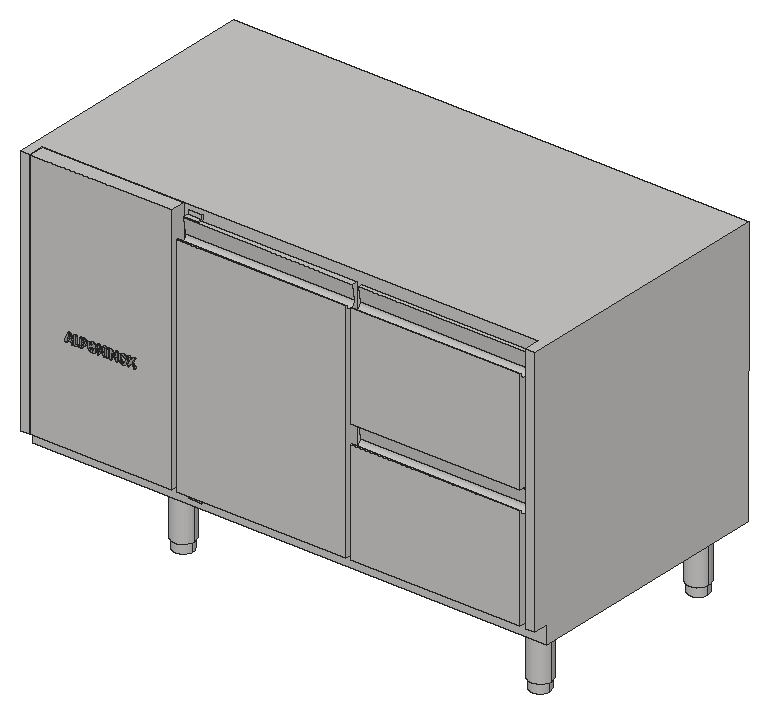
Revit family "QF_ALPENINOX_712005_AH2H7AB", category Specialty Equipment, Revit 2018 (continued)
Definition of nested family "ALP_Cooling Unit"
  Lines and regions (mm)
    Split face 127
      outline origin (55.016, 2, -245.129) x (0, 0, 1) y (-1, 0, 0)
        loop
          line (502.647, 158.547) -> (502.647, 116.535)
          arc (502.647, 116.535) -> (506.648, 112.533) -> (510.649, 116.535) r 4.001
          line (510.649, 116.535) -> (510.649, 158.547)
    Split face 128
      outline origin (55.016, 2, -257.133) x (0, 0, 1) y (-1, 0, 0)
        loop
          arc (510.649, 158.547) -> (506.648, 162.548) -> (502.647, 158.547) r 4.001
          line (502.647, 158.547) -> (502.647, 116.535)
          arc (502.647, 116.535) -> (506.648, 112.533) -> (510.649, 116.535) r 4.001
          line (510.649, 116.535) -> (510.649, 158.547)
    Split face 129
      outline origin (55.016, 2, -269.136) x (0, 0, 1) y (-1, 0, 0)
        loop
          arc (510.649, 158.547) -> (506.648, 162.548) -> (502.647, 158.547) r 4.001
          line (502.647, 158.547) -> (502.647, 116.535)
          arc (502.647, 116.535) -> (506.648, 112.533) -> (510.649, 116.535) r 4.001
          line (510.649, 116.535) -> (510.649, 158.547)
    Split face 130
      outline origin (55.016, 2, -281.14) x (0, 0, 1) y (-1, 0, 0)
        loop
          arc (510.649, 158.547) -> (506.648, 162.548) -> (502.647, 158.547) r 4.001
          line (502.647, 158.547) -> (502.647, 116.535)
          arc (502.647, 116.535) -> (506.648, 112.533) -> (510.649, 116.535) r 4.001
          line (510.649, 116.535) -> (510.649, 158.547)
    Split face 131
      outline origin (55.016, 2, -293.144) x (0, 0, 1) y (-1, 0, 0)
        loop
          arc (510.649, 158.547) -> (506.648, 162.548) -> (502.647, 158.547) r 4.001
          line (502.647, 158.547) -> (502.647, 116.535)
          arc (502.647, 116.535) -> (506.648, 112.533) -> (510.649, 116.535) r 4.001
          line (510.649, 116.535) -> (510.649, 158.547)
    Split face 132
      outline origin (110.032, 2, -113.091) x (0, 0, 1) y (-1, 0, 0)
        loop
          arc (510.649, 158.547) -> (506.648, 162.548) -> (502.647, 158.547) r 4.001
          line (502.647, 158.547) -> (502.647, 116.535)
          arc (502.647, 116.535) -> (506.648, 112.533) -> (510.649, 116.535) r 4.001
          line (510.649, 116.535) -> (510.649, 158.547)
    Split face 133
      outline origin (110.032, 2, -125.094) x (0, 0, 1) y (-1, 0, 0)
        loop
          arc (510.649, 158.547) -> (506.648, 162.548) -> (502.647, 158.547) r 4.001
          line (502.647, 158.547) -> (502.647, 116.535)
          arc (502.647, 116.535) -> (506.648, 112.533) -> (510.649, 116.535) r 4.001
          line (510.649, 116.535) -> (510.649, 158.547)
    Split face 134
      outline origin (110.032, 2, -137.098) x (0, 0, 1) y (-1, 0, 0)
        loop
          arc (510.649, 158.547) -> (506.648, 162.548) -> (502.647, 158.547) r 4.001
          line (502.647, 158.547) -> (502.647, 116.535)
          arc (502.647, 116.535) -> (506.648, 112.533) -> (510.649, 116.535) r 4.001
          line (510.649, 116.535) -> (510.649, 158.547)
    Split face 135
      outline origin (110.032, 2, -149.101) x (0, 0, 1) y (-1, 0, 0)
        loop
          arc (510.649, 158.547) -> (506.648, 162.548) -> (502.647, 158.547) r 4.001
          line (502.647, 158.547) -> (502.647, 116.535)
          arc (502.647, 116.535) -> (506.648, 112.533) -> (510.649, 116.535) r 4.001
          line (510.649, 116.535) -> (510.649, 158.547)
    Split face 136
      outline origin (110.032, 2, -161.105) x (0, 0, 1) y (-1, 0, 0)
        loop
          arc (510.649, 158.547) -> (506.648, 162.548) -> (502.647, 158.547) r 4.001
          line (502.647, 158.547) -> (502.647, 116.535)
          arc (502.647, 116.535) -> (506.648, 112.533) -> (510.649, 116.535) r 4.001
          line (510.649, 116.535) -> (510.649, 158.547)
    Split face 137
      outline origin (110.032, 2, -173.108) x (0, 0, 1) y (-1, 0, 0)
        loop
          arc (510.649, 158.547) -> (506.648, 162.548) -> (502.647, 158.547) r 4.001
          line (502.647, 158.547) -> (502.647, 116.535)
          arc (502.647, 116.535) -> (506.648, 112.533) -> (510.649, 116.535) r 4.001
          line (510.649, 116.535) -> (510.649, 158.547)
    Split face 138
      outline origin (110.032, 2, -185.112) x (0, 0, 1) y (-1, 0, 0)
        loop
          arc (510.649, 158.547) -> (506.648, 162.548) -> (502.647, 158.547) r 4.001
          line (502.647, 158.547) -> (502.647, 116.535)
          arc (502.647, 116.535) -> (506.648, 112.533) -> (510.649, 116.535) r 4.001
          line (510.649, 116.535) -> (510.649, 158.547)
    Split face 139
      outline origin (110.032, 2, -197.115) x (0, 0, 1) y (-1, 0, 0)
        loop
          arc (510.649, 158.547) -> (506.648, 162.548) -> (502.647, 158.547) r 4.001
          line (502.647, 158.547) -> (502.647, 116.535)
          arc (502.647, 116.535) -> (506.648, 112.533) -> (510.649, 116.535) r 4.001
          line (510.649, 116.535) -> (510.649, 158.547)
    Split face 140
      outline origin (110.032, 2, -209.119) x (0, 0, 1) y (-1, 0, 0)
        loop
          arc (510.649, 158.547) -> (506.648, 162.548) -> (502.647, 158.547) r 4.001
          line (502.647, 158.547) -> (502.647, 116.535)
          arc (502.647, 116.535) -> (506.648, 112.533) -> (510.649, 116.535) r 4.001
          line (510.649, 116.535) -> (510.649, 158.547)
    Split face 141
      outline origin (110.032, 2, -221.122) x (0, 0, 1) y (-1, 0, 0)
        loop
          arc (510.649, 158.547) -> (506.648, 162.548) -> (502.647, 158.547) r 4.001
          line (502.647, 158.547) -> (502.647, 116.535)
          arc (502.647, 116.535) -> (506.648, 112.533) -> (510.649, 116.535) r 4.001
          line (510.649, 116.535) -> (510.649, 158.547)
    Split face 142
      outline origin (110.032, 2, -233.126) x (0, 0, 1) y (-1, 0, 0)
        loop
          arc (510.649, 158.547) -> (506.648, 162.548) -> (502.647, 158.547) r 4.001
          line (502.647, 158.547) -> (502.647, 116.535)
          arc (502.647, 116.535) -> (506.648, 112.533) -> (510.649, 116.535) r 4.001
          line (510.649, 116.535) -> (510.649, 158.547)
    Split face 143
      outline origin (110.032, 2, -245.129) x (0, 0, 1) y (-1, 0, 0)
        loop
          arc (510.649, 158.547) -> (506.648, 162.548) -> (502.647, 158.547) r 4.001
          line (502.647, 158.547) -> (502.647, 116.535)
          arc (502.647, 116.535) -> (506.648, 112.533) -> (510.649, 116.535) r 4.001
          line (510.649, 116.535) -> (510.649, 158.547)
    Split face 144
      outline origin (110.032, 2, -257.133) x (0, 0, 1) y (-1, 0, 0)
        loop
          arc (510.649, 158.547) -> (506.648, 162.548) -> (502.647, 158.547) r 4.001
          line (502.647, 158.547) -> (502.647, 116.535)
          arc (502.647, 116.535) -> (506.648, 112.533) -> (510.649, 116.535) r 4.001
          line (510.649, 116.535) -> (510.649, 158.547)
    Split face 145
      outline origin (110.032, 2, -269.136) x (0, 0, 1) y (-1, 0, 0)
        loop
          arc (510.649, 158.547) -> (506.648, 162.548) -> (502.647, 158.547) r 4.001
          line (502.647, 158.547) -> (502.647, 116.535)
          arc (502.647, 116.535) -> (506.648, 112.533) -> (510.649, 116.535) r 4.001
          line (510.649, 116.535) -> (510.649, 158.547)
    Split face 146
      outline origin (110.032, 2, -281.14) x (0, 0, 1) y (-1, 0, 0)
        loop
          arc (510.649, 158.547) -> (506.648, 162.548) -> (502.647, 158.547) r 4.001
          line (502.647, 158.547) -> (502.647, 116.535)
          arc (502.647, 116.535) -> (506.648, 112.533) -> (510.649, 116.535) r 4.001
          line (510.649, 116.535) -> (510.649, 158.547)
    Split face 147
      outline origin (110.032, 2, -293.144) x (0, 0, 1) y (-1, 0, 0)
        loop
          arc (510.649, 158.547) -> (506.648, 162.548) -> (502.647, 158.547) r 4.001
          line (502.647, 158.547) -> (502.647, 116.535)
          arc (502.647, 116.535) -> (506.648, 112.533) -> (510.649, 116.535) r 4.001
          line (510.649, 116.535) -> (510.649, 158.547)
    Split face 148
      outline origin (165.048, 2, -113.091) x (0, 0, 1) y (-1, 0, 0)
        loop
          arc (510.649, 158.547) -> (506.648, 162.548) -> (502.647, 158.547) r 4.001
          line (502.647, 158.547) -> (502.647, 116.535)
          arc (502.647, 116.535) -> (506.648, 112.533) -> (510.649, 116.535) r 4.001
          line (510.649, 116.535) -> (510.649, 158.547)
    Split face 149
      outline origin (165.048, 2, -125.094) x (0, 0, 1) y (-1, 0, 0)
        loop
          arc (510.649, 158.547) -> (506.648, 162.548) -> (502.647, 158.547) r 4.001
          line (502.647, 158.547) -> (502.647, 116.535)
          arc (502.647, 116.535) -> (506.648, 112.533) -> (510.649, 116.535) r 4.001
          line (510.649, 116.535) -> (510.649, 158.547)
    Split face 150
      outline origin (165.048, 2, -137.098) x (0, 0, 1) y (-1, 0, 0)
        loop
          arc (510.649, 158.547) -> (506.648, 162.548) -> (502.647, 158.547) r 4.001
          line (502.647, 158.547) -> (502.647, 116.535)
          arc (502.647, 116.535) -> (506.648, 112.533) -> (510.649, 116.535) r 4.001
          line (510.649, 116.535) -> (510.649, 158.547)
    Split face 151
      outline origin (165.048, 2, -149.101) x (0, 0, 1) y (-1, 0, 0)
        loop
          arc (510.649, 158.547) -> (506.648, 162.548) -> (502.647, 158.547) r 4.001
          line (502.647, 158.547) -> (502.647, 116.535)
          arc (502.647, 116.535) -> (506.648, 112.533) -> (510.649, 116.535) r 4.001
          line (510.649, 116.535) -> (510.649, 158.547)
    Split face 152
      outline origin (165.048, 2, -161.105) x (0, 0, 1) y (-1, 0, 0)
        loop
          arc (510.649, 158.547) -> (506.648, 162.548) -> (502.647, 158.547) r 4.001
          line (502.647, 158.547) -> (502.647, 116.535)
          arc (502.647, 116.535) -> (506.648, 112.533) -> (510.649, 116.535) r 4.001
          line (510.649, 116.535) -> (510.649, 158.547)
    Split face 153
      outline origin (165.048, 2, -173.108) x (0, 0, 1) y (-1, 0, 0)
        loop
          arc (510.649, 158.547) -> (506.648, 162.548) -> (502.647, 158.547) r 4.001
          line (502.647, 158.547) -> (502.647, 116.535)
          arc (502.647, 116.535) -> (506.648, 112.533) -> (510.649, 116.535) r 4.001
          line (510.649, 116.535) -> (510.649, 158.547)
    Split face 154
      outline origin (165.048, 2, -185.112) x (0, 0, 1) y (-1, 0, 0)
        loop
          arc (510.649, 158.547) -> (506.648, 162.548) -> (502.647, 158.547) r 4.001
          line (502.647, 158.547) -> (502.647, 116.535)
          arc (502.647, 116.535) -> (506.648, 112.533) -> (510.649, 116.535) r 4.001
          line (510.649, 116.535) -> (510.649, 158.547)
    Split face 155
      outline origin (165.048, 2, -197.115) x (0, 0, 1) y (-1, 0, 0)
        loop
          arc (510.649, 158.547) -> (506.648, 162.548) -> (502.647, 158.547) r 4.001
          line (502.647, 158.547) -> (502.647, 116.535)
          arc (502.647, 116.535) -> (506.648, 112.533) -> (510.649, 116.535) r 4.001
          line (510.649, 116.535) -> (510.649, 158.547)
    Split face 156
      outline origin (165.048, 2, -209.119) x (0, 0, 1) y (-1, 0, 0)
        loop
          arc (510.649, 158.547) -> (506.648, 162.548) -> (502.647, 158.547) r 4.001
          line (502.647, 158.547) -> (502.647, 116.535)
          arc (502.647, 116.535) -> (506.648, 112.533) -> (510.649, 116.535) r 4.001
          line (510.649, 116.535) -> (510.649, 158.547)
    Split face 157
      outline origin (165.048, 2, -221.122) x (0, 0, 1) y (-1, 0, 0)
        loop
          arc (510.649, 158.547) -> (506.648, 162.548) -> (502.647, 158.547) r 4.001
          line (502.647, 158.547) -> (502.647, 116.535)
          arc (502.647, 116.535) -> (506.648, 112.533) -> (510.649, 116.535) r 4.001
          line (510.649, 116.535) -> (510.649, 158.547)
    Split face 158
      outline origin (165.048, 2, -233.126) x (0, 0, 1) y (-1, 0, 0)
        loop
          arc (510.649, 158.547) -> (506.648, 162.548) -> (502.647, 158.547) r 4.001
          line (502.647, 158.547) -> (502.647, 116.535)
          arc (502.647, 116.535) -> (506.648, 112.533) -> (510.649, 116.535) r 4.001
          line (510.649, 116.535) -> (510.649, 158.547)
    Split face 159
      outline origin (165.048, 2, -245.129) x (0, 0, 1) y (-1, 0, 0)
        loop
          arc (510.649, 158.547) -> (506.648, 162.548) -> (502.647, 158.547) r 4.001
          line (502.647, 158.547) -> (502.647, 116.535)
          arc (502.647, 116.535) -> (506.648, 112.533) -> (510.649, 116.535) r 4.001
          line (510.649, 116.535) -> (510.649, 158.547)
    Split face 160
      outline origin (165.048, 2, -257.133) x (0, 0, 1) y (-1, 0, 0)
        loop
          arc (510.649, 158.547) -> (506.648, 162.548) -> (502.647, 158.547) r 4.001
          line (502.647, 158.547) -> (502.647, 116.535)
          arc (502.647, 116.535) -> (506.648, 112.533) -> (510.649, 116.535) r 4.001
          line (510.649, 116.535) -> (510.649, 158.547)
    Split face 161
      outline origin (165.048, 2, -269.136) x (0, 0, 1) y (-1, 0, 0)
        loop
          arc (510.649, 158.547) -> (506.648, 162.548) -> (502.647, 158.547) r 4.001
          line (502.647, 158.547) -> (502.647, 116.535)
          arc (502.647, 116.535) -> (506.648, 112.533) -> (510.649, 116.535) r 4.001
          line (510.649, 116.535) -> (510.649, 158.547)
    Split face 162
      outline origin (165.048, 2, -281.14) x (0, 0, 1) y (-1, 0, 0)
        loop
          arc (510.649, 158.547) -> (506.648, 162.548) -> (502.647, 158.547) r 4.001
          line (502.647, 158.547) -> (502.647, 116.535)
          arc (502.647, 116.535) -> (506.648, 112.533) -> (510.649, 116.535) r 4.001
          line (510.649, 116.535) -> (510.649, 158.547)
    Split face 163
      outline origin (165.048, 2, -293.144) x (0, 0, 1) y (-1, 0, 0)
        loop
          arc (510.649, 158.547) -> (506.648, 162.548) -> (502.647, 158.547) r 4.001
          line (502.647, 158.547) -> (502.647, 116.535)
          arc (502.647, 116.535) -> (506.648, 112.533) -> (510.649, 116.535) r 4.001
          line (510.649, 116.535) -> (510.649, 158.547)
    Split face 164
      outline origin (220.064, 2, -113.091) x (0, 0, 1) y (-1, 0, 0)
        loop
          arc (510.649, 158.547) -> (506.648, 162.548) -> (502.647, 158.547) r 4.001
          line (502.647, 158.547) -> (502.647, 116.535)
          arc (502.647, 116.535) -> (506.648, 112.533) -> (510.649, 116.535) r 4.001
          line (510.649, 116.535) -> (510.649, 158.547)
    Split face 165
      outline origin (220.064, 2, -125.094) x (0, 0, 1) y (-1, 0, 0)
        loop
          arc (510.649, 158.547) -> (506.648, 162.548) -> (502.647, 158.547) r 4.001
          line (502.647, 158.547) -> (502.647, 116.535)
          arc (502.647, 116.535) -> (506.648, 112.533) -> (510.649, 116.535) r 4.001
          line (510.649, 116.535) -> (510.649, 158.547)
    Split face 166
      outline origin (220.064, 2, -137.098) x (0, 0, 1) y (-1, 0, 0)
        loop
          arc (510.649, 158.547) -> (506.648, 162.548) -> (502.647, 158.547) r 4.001
          line (502.647, 158.547) -> (502.647, 116.535)
          arc (502.647, 116.535) -> (506.648, 112.533) -> (510.649, 116.535) r 4.001
          line (510.649, 116.535) -> (510.649, 158.547)
    Split face 167
      outline origin (220.064, 2, -149.101) x (0, 0, 1) y (-1, 0, 0)
        loop
          arc (510.649, 158.547) -> (506.648, 162.548) -> (502.647, 158.547) r 4.001
          line (502.647, 158.547) -> (502.647, 116.535)
          arc (502.647, 116.535) -> (506.648, 112.533) -> (510.649, 116.535) r 4.001
          line (510.649, 116.535) -> (510.649, 158.547)
    Split face 168
      outline origin (220.064, 2, -161.105) x (0, 0, 1) y (-1, 0, 0)
        loop
          arc (510.649, 158.547) -> (506.648, 162.548) -> (502.647, 158.547) r 4.001
          line (502.647, 158.547) -> (502.647, 116.535)
          arc (502.647, 116.535) -> (506.648, 112.533) -> (510.649, 116.535) r 4.001
          line (510.649, 116.535) -> (510.649, 158.547)
    Split face 169
      outline origin (220.064, 2, -173.108) x (0, 0, 1) y (-1, 0, 0)
        loop
          arc (510.649, 158.547) -> (506.648, 162.548) -> (502.647, 158.547) r 4.001
          line (502.647, 158.547) -> (502.647, 116.535)
          arc (502.647, 116.535) -> (506.648, 112.533) -> (510.649, 116.535) r 4.001
          line (510.649, 116.535) -> (510.649, 158.547)
    Split face 170
      outline origin (220.064, 2, -185.112) x (0, 0, 1) y (-1, 0, 0)
        loop
          arc (510.649, 158.547) -> (506.648, 162.548) -> (502.647, 158.547) r 4.001
          line (502.647, 158.547) -> (502.647, 116.535)
          arc (502.647, 116.535) -> (506.648, 112.533) -> (510.649, 116.535) r 4.001
          line (510.649, 116.535) -> (510.649, 158.547)
    Split face 171
      outline origin (220.064, 2, -197.115) x (0, 0, 1) y (-1, 0, 0)
        loop
          arc (510.649, 158.547) -> (506.648, 162.548) -> (502.647, 158.547) r 4.001
          line (502.647, 158.547) -> (502.647, 116.535)
          arc (502.647, 116.535) -> (506.648, 112.533) -> (510.649, 116.535) r 4.001
          line (510.649, 116.535) -> (510.649, 158.547)
    Split face 172
      outline origin (220.064, 2, -209.119) x (0, 0, 1) y (-1, 0, 0)
        loop
          arc (510.649, 158.547) -> (506.648, 162.548) -> (502.647, 158.547) r 4.001
          line (502.647, 158.547) -> (502.647, 116.535)
          arc (502.647, 116.535) -> (506.648, 112.533) -> (510.649, 116.535) r 4.001
          line (510.649, 116.535) -> (510.649, 158.547)
    Split face 173
      outline origin (220.064, 2, -221.122) x (0, 0, 1) y (-1, 0, 0)
        loop
          arc (510.649, 158.547) -> (506.648, 162.548) -> (502.647, 158.547) r 4.001
          line (502.647, 158.547) -> (502.647, 116.535)
          arc (502.647, 116.535) -> (506.648, 112.533) -> (510.649, 116.535) r 4.001
          line (510.649, 116.535) -> (510.649, 158.547)
    Split face 174
      outline origin (220.064, 2, -233.126) x (0, 0, 1) y (-1, 0, 0)
        loop
          arc (510.649, 158.547) -> (506.648, 162.548) -> (502.647, 158.547) r 4.001
          line (502.647, 158.547) -> (502.647, 116.535)
          arc (502.647, 116.535) -> (506.648, 112.533) -> (510.649, 116.535) r 4.001
          line (510.649, 116.535) -> (510.649, 158.547)
    Split face 175
      outline origin (220.064, 2, -245.129) x (0, 0, 1) y (-1, 0, 0)
        loop
          arc (510.649, 158.547) -> (506.648, 162.548) -> (502.647, 158.547) r 4.001
          line (502.647, 158.547) -> (502.647, 116.535)
          arc (502.647, 116.535) -> (506.648, 112.533) -> (510.649, 116.535) r 4.001
          line (510.649, 116.535) -> (510.649, 158.547)
    Split face 176
      outline origin (220.064, 2, -257.133) x (0, 0, 1) y (-1, 0, 0)
        loop
          arc (510.649, 158.547) -> (506.648, 162.548) -> (502.647, 158.547) r 4.001
          line (502.647, 158.547) -> (502.647, 116.535)
          arc (502.647, 116.535) -> (506.648, 112.533) -> (510.649, 116.535) r 4.001
          line (510.649, 116.535) -> (510.649, 158.547)
    Split face 177
      outline origin (220.064, 2, -269.136) x (0, 0, 1) y (-1, 0, 0)
        loop
          arc (510.649, 158.547) -> (506.648, 162.548) -> (502.647, 158.547) r 4.001
          line (502.647, 158.547) -> (502.647, 116.535)
          arc (502.647, 116.535) -> (506.648, 112.533) -> (510.649, 116.535) r 4.001
          line (510.649, 116.535) -> (510.649, 158.547)
    Split face 178
      outline origin (220.064, 2, -281.14) x (0, 0, 1) y (-1, 0, 0)
        loop
          arc (510.649, 158.547) -> (506.648, 162.548) -> (502.647, 158.547) r 4.001
          line (502.647, 158.547) -> (502.647, 116.535)
          arc (502.647, 116.535) -> (506.648, 112.533) -> (510.649, 116.535) r 4.001
          line (510.649, 116.535) -> (510.649, 158.547)
    Split face 179
      outline origin (220.064, 2, -293.144) x (0, 0, 1) y (-1, 0, 0)
        loop
          arc (510.649, 158.547) -> (506.648, 162.548) -> (502.647, 158.547) r 4.001
          line (502.647, 158.547) -> (502.647, 116.535)
          arc (502.647, 116.535) -> (506.648, 112.533) -> (510.649, 116.535) r 4.001
          line (510.649, 116.535) -> (510.649, 158.547)
    Split face 180
      outline origin (275.081, 2, -113.091) x (0, 0, 1) y (-1, 0, 0)
        loop
          arc (510.649, 158.547) -> (506.648, 162.548) -> (502.647, 158.547) r 4.001
          line (502.647, 158.547) -> (502.647, 116.535)
          arc (502.647, 116.535) -> (506.648, 112.533) -> (510.649, 116.535) r 4.001
          line (510.649, 116.535) -> (510.649, 158.547)
    Split face 181
      outline origin (275.081, 2, -125.094) x (0, 0, 1) y (-1, 0, 0)
        loop
          arc (510.649, 158.547) -> (506.648, 162.548) -> (502.647, 158.547) r 4.001
          line (502.647, 158.547) -> (502.647, 116.535)
          arc (502.647, 116.535) -> (506.648, 112.533) -> (510.649, 116.535) r 4.001
          line (510.649, 116.535) -> (510.649, 158.547)
    Split face 182
      outline origin (275.081, 2, -137.098) x (0, 0, 1) y (-1, 0, 0)
        loop
          arc (510.649, 158.547) -> (506.648, 162.548) -> (502.647, 158.547) r 4.001
          line (502.647, 158.547) -> (502.647, 116.535)
          arc (502.647, 116.535) -> (506.648, 112.533) -> (510.649, 116.535) r 4.001
          line (510.649, 116.535) -> (510.649, 158.547)
    Split face 183
      outline origin (275.081, 2, -149.101) x (0, 0, 1) y (-1, 0, 0)
        loop
          arc (510.649, 158.547) -> (506.648, 162.548) -> (502.647, 158.547) r 4.001
          line (502.647, 158.547) -> (502.647, 116.535)
          arc (502.647, 116.535) -> (506.648, 112.533) -> (510.649, 116.535) r 4.001
          line (510.649, 116.535) -> (510.649, 158.547)
    Split face 184
      outline origin (275.081, 2, -161.105) x (0, 0, 1) y (-1, 0, 0)
        loop
          arc (510.649, 158.547) -> (506.648, 162.548) -> (502.647, 158.547) r 4.001
          line (502.647, 158.547) -> (502.647, 116.535)
          arc (502.647, 116.535) -> (506.648, 112.533) -> (510.649, 116.535) r 4.001
          line (510.649, 116.535) -> (510.649, 158.547)
    Split face 185
      outline origin (275.081, 2, -173.108) x (0, 0, 1) y (-1, 0, 0)
        loop
          arc (510.649, 158.547) -> (506.648, 162.548) -> (502.647, 158.547) r 4.001
          line (502.647, 158.547) -> (502.647, 116.535)
          arc (502.647, 116.535) -> (506.648, 112.533) -> (510.649, 116.535) r 4.001
          line (510.649, 116.535) -> (510.649, 158.547)
    Split face 186
      outline origin (275.081, 2, -185.112) x (0, 0, 1) y (-1, 0, 0)
        loop
          arc (510.649, 158.547) -> (506.648, 162.548) -> (502.647, 158.547) r 4.001
          line (502.647, 158.547) -> (502.647, 116.535)
          arc (502.647, 116.535) -> (506.648, 112.533) -> (510.649, 116.535) r 4.001
          line (510.649, 116.535) -> (510.649, 158.547)
    Split face 187
      outline origin (275.081, 2, -197.115) x (0, 0, 1) y (-1, 0, 0)
        loop
          arc (510.649, 158.547) -> (506.648, 162.548) -> (502.647, 158.547) r 4.001
          line (502.647, 158.547) -> (502.647, 116.535)
          arc (502.647, 116.535) -> (506.648, 112.533) -> (510.649, 116.535) r 4.001
          line (510.649, 116.535) -> (510.649, 158.547)
    Split face 188
      outline origin (275.081, 2, -209.119) x (0, 0, 1) y (-1, 0, 0)
        loop
          arc (510.649, 158.547) -> (506.648, 162.548) -> (502.647, 158.547) r 4.001
          line (502.647, 158.547) -> (502.647, 116.535)
          arc (502.647, 116.535) -> (506.648, 112.533) -> (510.649, 116.535) r 4.001
          line (510.649, 116.535) -> (510.649, 158.547)
    Split face 189
      outline origin (275.081, 2, -221.122) x (0, 0, 1) y (-1, 0, 0)
        loop
          arc (510.649, 158.547) -> (506.648, 162.548) -> (502.647, 158.547) r 4.001
          line (502.647, 158.547) -> (502.647, 116.535)
          arc (502.647, 116.535) -> (506.648, 112.533) -> (510.649, 116.535) r 4.001
          line (510.649, 116.535) -> (510.649, 158.547)
    Split face 190
      outline origin (275.081, 2, -233.126) x (0, 0, 1) y (-1, 0, 0)
        loop
          arc (510.649, 158.547) -> (506.648, 162.548) -> (502.647, 158.547) r 4.001
          line (502.647, 158.547) -> (502.647, 116.535)
          arc (502.647, 116.535) -> (506.648, 112.533) -> (510.649, 116.535) r 4.001
          line (510.649, 116.535) -> (510.649, 158.547)
    Split face 191
      outline origin (275.081, 2, -245.129) x (0, 0, 1) y (-1, 0, 0)
        loop
          arc (510.649, 158.547) -> (506.648, 162.548) -> (502.647, 158.547) r 4.001
          line (502.647, 158.547) -> (502.647, 116.535)
          arc (502.647, 116.535) -> (506.648, 112.533) -> (510.649, 116.535) r 4.001
          line (510.649, 116.535) -> (510.649, 158.547)
    Split face 192
      outline origin (275.081, 2, -257.133) x (0, 0, 1) y (-1, 0, 0)
        loop
          arc (510.649, 158.547) -> (506.648, 162.548) -> (502.647, 158.547) r 4.001
          line (502.647, 158.547) -> (502.647, 116.535)
          arc (502.647, 116.535) -> (506.648, 112.533) -> (510.649, 116.535) r 4.001
          line (510.649, 116.535) -> (510.649, 158.547)
    Split face 193
      outline origin (275.081, 2, -269.136) x (0, 0, 1) y (-1, 0, 0)
        loop
          arc (510.649, 158.547) -> (506.648, 162.548) -> (502.647, 158.547) r 4.001
          line (502.647, 158.547) -> (502.647, 116.535)
          arc (502.647, 116.535) -> (506.648, 112.533) -> (510.649, 116.535) r 4.001
          line (510.649, 116.535) -> (510.649, 158.547)
    Split face 194
      outline origin (275.081, 2, -281.14) x (0, 0, 1) y (-1, 0, 0)
        loop
          arc (510.649, 158.547) -> (506.648, 162.548) -> (502.647, 158.547) r 4.001
          line (502.647, 158.547) -> (502.647, 116.535)
          arc (502.647, 116.535) -> (506.648, 112.533) -> (510.649, 116.535) r 4.001
          line (510.649, 116.535) -> (510.649, 158.547)
    Split face 195
      outline origin (275.081, 2, -293.144) x (0, 0, 1) y (-1, 0, 0)
        loop
          arc (510.649, 158.547) -> (506.648, 162.548) -> (502.647, 158.547) r 4.001
          line (502.647, 158.547) -> (502.647, 116.535)
          arc (502.647, 116.535) -> (506.648, 112.533) -> (510.649, 116.535) r 4.001
          line (510.649, 116.535) -> (510.649, 158.547)
  Dimensions and locks
    aligned and locked: level to plane 2
  Nested families
    nested 1: "ALP_Logo_S" at (0, 2, 458.586) x (1, 0, 0) z (0, -1, 0), visible <- "Show Logo", type "ALP_Logo_S"
  Definition of nested family "ALP_Logo_S"
    Parameters
      Default Elevation = 0 mm
    Reference planes
      plane 1 "Centro (Fronte/Retro)": y = 0
      plane 2: z = 0
      plane 3 "Centro (Sinistra/Destra)": x = 0
    Forms (mm)
      Extrusion 1, solid
        sketch origin (0, 0, 0) x (1, 0, 0) y (0, 1, 0)
          loop
            line (-1219.2, 1219.2) -> (-1219.2, -1219.2) -> (1219.2, -1219.2) -> (1219.2, 1219.2) -> (-1219.2, 1219.2)
        from 0 to -304.8
      Extrusion 2, solid
        sketch origin (17.793, -46.218, 0) x (-1, 0, 0) y (0, -1, 0)
          loop
            line (109.007, -37.469) -> (109.244, -36.361)
            spline (109.244, -36.361) -> (109.221, -36.03) -> (109.153, -35.716) -> (109.043, -35.42) -> (108.895, -35.146) -> (108.713, -34.896) -> (108.498, -34.671) -> (108.255, -34.475) -> (107.987, -34.309) -> (107.697, -34.176) -> (107.388, -34.078) -> (107.064, -34.017) -> (106.728, -33.997)
            spline (106.728, -33.997) -> (106.393, -34.012) -> (106.085, -34.057) -> (105.803, -34.129) -> (105.547, -34.228) -> (105.315, -34.352) -> (105.105, -34.499) -> (104.918, -34.668) -> (104.752, -34.858) -> (104.605, -35.066) -> (104.478, -35.291) -> (104.368, -35.532) -> (104.275, -35.787)
            line (104.275, -35.787) -> (103.256, -38.92) -> (93.799, -38.92) -> (92.773, -35.75)
            spline (92.773, -35.75) -> (92.68, -35.504) -> (92.57, -35.27) -> (92.443, -35.05) -> (92.296, -34.847) -> (92.129, -34.661) -> (91.941, -34.495) -> (91.729, -34.35) -> (91.494, -34.227) -> (91.234, -34.129) -> (90.948, -34.056) -> (90.634, -34.012) -> (90.292, -33.997)
            spline (90.292, -33.997) -> (89.98, -34.015) -> (89.679, -34.07) -> (89.392, -34.16) -> (89.122, -34.282) -> (88.871, -34.436) -> (88.644, -34.618) -> (88.442, -34.828) -> (88.271, -35.063) -> (88.132, -35.322) -> (88.028, -35.604) -> (87.964, -35.905) -> (87.942, -36.225)
            line (87.942, -36.225) -> (88.215, -37.469) -> (94.885, -55.826)
            spline (94.885, -55.826) -> (95.044, -56.22) -> (95.23, -56.593) -> (95.444, -56.943) -> (95.685, -57.268) -> (95.953, -57.564) -> (96.246, -57.829) -> (96.565, -58.06) -> (96.909, -58.255) -> (97.278, -58.412) -> (97.672, -58.527) -> (98.088, -58.597) -> (98.529, -58.622)
            spline (98.529, -58.622) -> (98.953, -58.596) -> (99.359, -58.522) -> (99.746, -58.402) -> (100.112, -58.241) -> (100.457, -58.04) -> (100.78, -57.804) -> (101.078, -57.536) -> (101.351, -57.238) -> (101.599, -56.916) -> (101.818, -56.57) -> (102.009, -56.206) -> (102.171, -55.826)
            line (102.171, -55.826) -> (109.007, -37.469)
          loop
            line (101.794, -43.576) -> (95.326, -43.576) -> (98.522, -53.458) -> (101.794, -43.576)
          loop
            spline (85.755, -36.964) -> (85.735, -36.556) -> (85.675, -36.175) -> (85.576, -35.822) -> (85.439, -35.499) -> (85.266, -35.208) -> (85.056, -34.95) -> (84.812, -34.727) -> (84.534, -34.541) -> (84.223, -34.394) -> (83.881, -34.286) -> (83.507, -34.22) -> (83.104, -34.198)
            line (83.104, -34.198) -> (74.598, -34.198)
            spline (74.598, -34.198) -> (74.236, -34.221) -> (73.9, -34.286) -> (73.592, -34.39) -> (73.311, -34.528) -> (73.058, -34.698) -> (72.835, -34.895) -> (72.641, -35.114) -> (72.478, -35.354) -> (72.347, -35.608) -> (72.247, -35.874) -> (72.181, -36.148) -> (72.148, -36.426)
            spline (72.148, -36.426) -> (72.156, -36.715) -> (72.197, -37.004) -> (72.272, -37.289) -> (72.382, -37.565) -> (72.528, -37.827) -> (72.709, -38.07) -> (72.927, -38.288) -> (73.183, -38.478) -> (73.478, -38.635) -> (73.811, -38.752) -> (74.184, -38.827) -> (74.598, -38.852)
            line (74.598, -38.852) -> (80.653, -38.852) -> (80.653, -55.789)
            spline (80.653, -55.789) -> (80.675, -56.195) -> (80.741, -56.569) -> (80.846, -56.912) -> (80.99, -57.221) -> (81.169, -57.497) -> (81.381, -57.738) -> (81.624, -57.944) -> (81.894, -58.114) -> (82.191, -58.247) -> (82.51, -58.343) -> (82.85, -58.402) -> (83.208, -58.421)
            spline (83.208, -58.421) -> (83.565, -58.402) -> (83.904, -58.343) -> (84.222, -58.247) -> (84.517, -58.114) -> (84.787, -57.944) -> (85.029, -57.738) -> (85.241, -57.497) -> (85.419, -57.221) -> (85.563, -56.912) -> (85.668, -56.569) -> (85.733, -56.195) -> (85.755, -55.789)
            line (85.755, -55.789) -> (85.755, -36.964)
          loop
            spline (69.963, -36.629) -> (69.941, -36.222) -> (69.876, -35.847) -> (69.77, -35.505) -> (69.627, -35.196) -> (69.448, -34.921) -> (69.236, -34.68) -> (68.993, -34.474) -> (68.723, -34.305) -> (68.427, -34.171) -> (68.108, -34.075) -> (67.769, -34.017) -> (67.412, -33.998)
            spline (67.412, -33.998) -> (67.055, -34.017) -> (66.716, -34.075) -> (66.397, -34.171) -> (66.101, -34.305) -> (65.832, -34.474) -> (65.59, -34.68) -> (65.378, -34.921) -> (65.2, -35.196) -> (65.057, -35.505) -> (64.951, -35.847) -> (64.886, -36.222) -> (64.864, -36.629)
            line (64.864, -36.629) -> (64.864, -42.161) -> (61.085, -42.161)
            spline (61.085, -42.161) -> (59.938, -42.224) -> (58.836, -42.411) -> (57.789, -42.717) -> (56.807, -43.139) -> (55.902, -43.671) -> (55.083, -44.311) -> (54.361, -45.053) -> (53.747, -45.894) -> (53.251, -46.829) -> (52.884, -47.854) -> (52.656, -48.965) -> (52.577, -50.158)
            spline (52.577, -50.158) -> (52.653, -51.33) -> (52.875, -52.429) -> (53.235, -53.452) -> (53.724, -54.391) -> (54.334, -55.241) -> (55.057, -55.997) -> (55.884, -56.652) -> (56.807, -57.201) -> (57.817, -57.638) -> (58.906, -57.957) -> (60.067, -58.153) -> (61.289, -58.22)
            line (61.289, -58.22) -> (67.306, -58.22)
            spline (67.306, -58.22) -> (67.716, -58.198) -> (68.095, -58.135) -> (68.44, -58.031) -> (68.752, -57.889) -> (69.031, -57.711) -> (69.274, -57.498) -> (69.482, -57.251) -> (69.653, -56.974) -> (69.788, -56.667) -> (69.885, -56.332) -> (69.944, -55.972) -> (69.963, -55.587)
            line (69.963, -55.587) -> (69.963, -36.629)
          loop
            line (64.864, -53.764) -> (64.864, -46.61) -> (61.384, -46.61)
            spline (61.384, -46.61) -> (60.866, -46.642) -> (60.382, -46.735) -> (59.935, -46.885) -> (59.526, -47.089) -> (59.158, -47.342) -> (58.832, -47.641) -> (58.551, -47.983) -> (58.317, -48.362) -> (58.131, -48.777) -> (57.995, -49.222) -> (57.913, -49.694) -> (57.885, -50.189)
            spline (57.885, -50.189) -> (57.913, -50.684) -> (57.995, -51.156) -> (58.131, -51.601) -> (58.317, -52.015) -> (58.551, -52.394) -> (58.832, -52.735) -> (59.158, -53.034) -> (59.526, -53.287) -> (59.935, -53.49) -> (60.382, -53.64) -> (60.866, -53.733) -> (61.384, -53.764)
            line (61.384, -53.764) -> (64.864, -53.764)
          loop
            spline (32.388, -43.737) -> (31.645, -43.763) -> (30.977, -43.84) -> (30.381, -43.966) -> (29.857, -44.139) -> (29.401, -44.355) -> (29.012, -44.613) -> (28.688, -44.91) -> (28.428, -45.245) -> (28.228, -45.614) -> (28.088, -46.015) -> (28.006, -46.447) -> (27.979, -46.906)
            spline (27.979, -46.906) -> (28.073, -48.241) -> (28.349, -49.591) -> (28.801, -50.931) -> (29.42, -52.236) -> (30.198, -53.481) -> (31.128, -54.642) -> (32.202, -55.693) -> (33.412, -56.608) -> (34.751, -57.364) -> (36.211, -57.935) -> (37.784, -58.296) -> (39.462, -58.422)
            spline (39.462, -58.422) -> (41.103, -58.303) -> (42.649, -57.959) -> (44.091, -57.408) -> (45.422, -56.668) -> (46.63, -55.759) -> (47.707, -54.697) -> (48.644, -53.501) -> (49.431, -52.19) -> (50.059, -50.782) -> (50.52, -49.295) -> (50.803, -47.748) -> (50.899, -46.159)
            spline (50.899, -46.159) -> (50.801, -44.451) -> (50.511, -42.83) -> (50.039, -41.308) -> (49.392, -39.896) -> (48.579, -38.607) -> (47.608, -37.451) -> (46.488, -36.441) -> (45.226, -35.588) -> (43.831, -34.905) -> (42.311, -34.402) -> (40.675, -34.091) -> (38.93, -33.985)
            spline (38.93, -33.985) -> (37.728, -34.039) -> (36.511, -34.193) -> (35.301, -34.44) -> (34.12, -34.77) -> (32.993, -35.175) -> (31.942, -35.645) -> (30.99, -36.172) -> (30.16, -36.746) -> (29.474, -37.36) -> (28.956, -38.004) -> (28.628, -38.669) -> (28.514, -39.347)
            spline (28.514, -39.347) -> (28.53, -39.685) -> (28.577, -40.017) -> (28.656, -40.338) -> (28.765, -40.643) -> (28.905, -40.928) -> (29.073, -41.19) -> (29.27, -41.423) -> (29.495, -41.623) -> (29.748, -41.787) -> (30.028, -41.91) -> (30.333, -41.987) -> (30.665, -42.014)
            spline (30.665, -42.014) -> (31.199, -41.95) -> (31.712, -41.768) -> (32.22, -41.491) -> (32.738, -41.145) -> (33.281, -40.752) -> (33.868, -40.337) -> (34.512, -39.924) -> (35.23, -39.537) -> (36.038, -39.199) -> (36.952, -38.934) -> (37.987, -38.768) -> (39.161, -38.722)
            spline (39.161, -38.722) -> (39.894, -38.774) -> (40.606, -38.897) -> (41.291, -39.091) -> (41.943, -39.354) -> (42.554, -39.684) -> (43.119, -40.08) -> (43.632, -40.54) -> (44.086, -41.061) -> (44.475, -41.643) -> (44.792, -42.285) -> (45.032, -42.983) -> (45.188, -43.737)
            line (45.188, -43.737) -> (32.388, -43.737)
          loop
            line (45.321, -48.475) -> (33.559, -48.475)
            spline (33.559, -48.475) -> (33.693, -49.163) -> (33.914, -49.841) -> (34.214, -50.497) -> (34.588, -51.123) -> (35.029, -51.71) -> (35.531, -52.248) -> (36.087, -52.729) -> (36.691, -53.143) -> (37.337, -53.481) -> (38.018, -53.734) -> (38.729, -53.893) -> (39.462, -53.948)
            spline (39.462, -53.948) -> (40.168, -53.891) -> (40.86, -53.728) -> (41.531, -53.468) -> (42.173, -53.123) -> (42.779, -52.701) -> (43.339, -52.214) -> (43.847, -51.671) -> (44.295, -51.082) -> (44.674, -50.458) -> (44.976, -49.809) -> (45.195, -49.144) -> (45.321, -48.475)
          loop
            spline (25.297, -36.629) -> (25.275, -36.222) -> (25.209, -35.847) -> (25.103, -35.505) -> (24.958, -35.196) -> (24.779, -34.92) -> (24.566, -34.679) -> (24.323, -34.474) -> (24.052, -34.304) -> (23.755, -34.17) -> (23.436, -34.074) -> (23.096, -34.016) -> (22.739, -33.997)
            spline (22.739, -33.997) -> (22.382, -34.016) -> (22.043, -34.074) -> (21.724, -34.17) -> (21.429, -34.304) -> (21.158, -34.474) -> (20.916, -34.679) -> (20.704, -34.92) -> (20.525, -35.196) -> (20.382, -35.505) -> (20.276, -35.847) -> (20.211, -36.222) -> (20.189, -36.629)
            line (20.189, -36.629) -> (20.189, -49.304) -> (9.333, -35.11) -> (7.187, -33.997)
            spline (7.187, -33.997) -> (6.83, -34.016) -> (6.49, -34.074) -> (6.172, -34.17) -> (5.876, -34.304) -> (5.606, -34.474) -> (5.363, -34.679) -> (5.151, -34.92) -> (4.972, -35.196) -> (4.829, -35.505) -> (4.723, -35.847) -> (4.658, -36.222) -> (4.636, -36.629)
            line (4.636, -36.629) -> (4.636, -55.789)
            spline (4.636, -55.789) -> (4.658, -56.195) -> (4.723, -56.569) -> (4.829, -56.912) -> (4.972, -57.221) -> (5.151, -57.497) -> (5.363, -57.738) -> (5.606, -57.944) -> (5.876, -58.114) -> (6.172, -58.247) -> (6.49, -58.343) -> (6.83, -58.402) -> (7.187, -58.421)
            spline (7.187, -58.421) -> (7.545, -58.402) -> (7.885, -58.343) -> (8.204, -58.247) -> (8.5, -58.114) -> (8.771, -57.944) -> (9.014, -57.738) -> (9.226, -57.497) -> (9.405, -57.221) -> (9.549, -56.912) -> (9.654, -56.569) -> (9.719, -56.195) -> (9.742, -55.789)
            line (9.742, -55.789) -> (9.742, -42.947) -> (20.597, -57.305) -> (22.739, -58.421)
            spline (22.739, -58.421) -> (23.096, -58.402) -> (23.436, -58.343) -> (23.755, -58.247) -> (24.052, -58.114) -> (24.323, -57.944) -> (24.566, -57.738) -> (24.779, -57.497) -> (24.958, -57.221) -> (25.103, -56.912) -> (25.209, -56.569) -> (25.275, -56.195) -> (25.297, -55.789)
            line (25.297, -55.789) -> (25.297, -36.629)
          loop
            spline (1.445, -36.629) -> (1.422, -36.222) -> (1.357, -35.847) -> (1.252, -35.505) -> (1.108, -35.196) -> (0.929, -34.92) -> (0.717, -34.679) -> (0.475, -34.474) -> (0.204, -34.304) -> (-0.092, -34.17) -> (-0.411, -34.074) -> (-0.751, -34.016) -> (-1.109, -33.997)
            spline (-1.109, -33.997) -> (-1.467, -34.016) -> (-1.807, -34.074) -> (-2.125, -34.17) -> (-2.421, -34.304) -> (-2.691, -34.474) -> (-2.933, -34.679) -> (-3.145, -34.92) -> (-3.324, -35.196) -> (-3.467, -35.505) -> (-3.572, -35.847) -> (-3.637, -36.222) -> (-3.659, -36.629)
            line (-3.659, -36.629) -> (-3.659, -55.789)
            spline (-3.659, -55.789) -> (-3.637, -56.195) -> (-3.572, -56.569) -> (-3.467, -56.912) -> (-3.324, -57.221) -> (-3.145, -57.497) -> (-2.933, -57.738) -> (-2.691, -57.944) -> (-2.421, -58.114) -> (-2.125, -58.247) -> (-1.807, -58.343) -> (-1.467, -58.402) -> (-1.109, -58.421)
            spline (-1.109, -58.421) -> (-0.751, -58.402) -> (-0.411, -58.343) -> (-0.092, -58.247) -> (0.204, -58.114) -> (0.475, -57.944) -> (0.717, -57.738) -> (0.929, -57.497) -> (1.108, -57.221) -> (1.252, -56.912) -> (1.357, -56.569) -> (1.422, -56.195) -> (1.445, -55.789)
            line (1.445, -55.789) -> (1.445, -36.629)
          loop
            spline (-6.852, -36.629) -> (-6.875, -36.222) -> (-6.94, -35.847) -> (-7.045, -35.505) -> (-7.189, -35.196) -> (-7.368, -34.92) -> (-7.58, -34.679) -> (-7.822, -34.474) -> (-8.092, -34.304) -> (-8.388, -34.17) -> (-8.706, -34.074) -> (-9.046, -34.016) -> (-9.403, -33.997)
            spline (-9.403, -33.997) -> (-9.76, -34.016) -> (-10.1, -34.074) -> (-10.42, -34.17) -> (-10.716, -34.304) -> (-10.987, -34.474) -> (-11.23, -34.679) -> (-11.442, -34.92) -> (-11.621, -35.196) -> (-11.765, -35.505) -> (-11.871, -35.847) -> (-11.936, -36.222) -> (-11.958, -36.629)
            line (-11.958, -36.629) -> (-11.958, -49.304) -> (-22.814, -35.11) -> (-24.958, -33.997)
            spline (-24.958, -33.997) -> (-25.315, -34.016) -> (-25.655, -34.074) -> (-25.974, -34.17) -> (-26.27, -34.304) -> (-26.541, -34.474) -> (-26.784, -34.679) -> (-26.996, -34.92) -> (-27.175, -35.196) -> (-27.319, -35.505) -> (-27.424, -35.847) -> (-27.49, -36.222) -> (-27.512, -36.629)
            line (-27.512, -36.629) -> (-27.512, -55.789)
            spline (-27.512, -55.789) -> (-27.49, -56.195) -> (-27.424, -56.569) -> (-27.319, -56.912) -> (-27.175, -57.221) -> (-26.996, -57.497) -> (-26.784, -57.738) -> (-26.541, -57.944) -> (-26.27, -58.114) -> (-25.974, -58.247) -> (-25.655, -58.343) -> (-25.315, -58.402) -> (-24.958, -58.421)
            spline (-24.958, -58.421) -> (-24.6, -58.402) -> (-24.26, -58.343) -> (-23.941, -58.247) -> (-23.646, -58.114) -> (-23.375, -57.944) -> (-23.133, -57.738) -> (-22.921, -57.497) -> (-22.743, -57.221) -> (-22.599, -56.912) -> (-22.494, -56.569) -> (-22.429, -56.195) -> (-22.407, -55.789)
            line (-22.407, -55.789) -> (-22.407, -42.949) -> (-11.549, -57.305) -> (-9.403, -58.421)
            spline (-9.403, -58.421) -> (-9.046, -58.402) -> (-8.706, -58.343) -> (-8.388, -58.247) -> (-8.092, -58.114) -> (-7.822, -57.944) -> (-7.58, -57.738) -> (-7.368, -57.497) -> (-7.189, -57.221) -> (-7.045, -56.912) -> (-6.94, -56.569) -> (-6.875, -56.195) -> (-6.852, -55.789)
            line (-6.852, -55.789) -> (-6.852, -36.629)
          loop
            spline (-41.905, -33.794) -> (-43.601, -33.905) -> (-45.194, -34.229) -> (-46.677, -34.752) -> (-48.04, -35.461) -> (-49.275, -36.342) -> (-50.373, -37.383) -> (-51.326, -38.569) -> (-52.125, -39.887) -> (-52.761, -41.323) -> (-53.226, -42.864) -> (-53.512, -44.497) -> (-53.609, -46.208)
            spline (-53.609, -46.208) -> (-53.509, -47.892) -> (-53.217, -49.507) -> (-52.742, -51.038) -> (-52.094, -52.472) -> (-51.284, -53.792) -> (-50.321, -54.984) -> (-49.216, -56.034) -> (-47.978, -56.926) -> (-46.618, -57.646) -> (-45.146, -58.178) -> (-43.572, -58.509) -> (-41.905, -58.622)
            spline (-41.905, -58.622) -> (-40.216, -58.512) -> (-38.628, -58.19) -> (-37.148, -57.669) -> (-35.785, -56.962) -> (-34.549, -56.084) -> (-33.449, -55.046) -> (-32.493, -53.861) -> (-31.691, -52.544) -> (-31.051, -51.107) -> (-30.583, -49.563) -> (-30.296, -47.926) -> (-30.198, -46.208)
            spline (-30.198, -46.208) -> (-30.296, -44.497) -> (-30.585, -42.864) -> (-31.055, -41.323) -> (-31.697, -39.887) -> (-32.502, -38.569) -> (-33.46, -37.383) -> (-34.562, -36.342) -> (-35.798, -35.461) -> (-37.16, -34.752) -> (-38.638, -34.229) -> (-40.223, -33.905) -> (-41.905, -33.794)
          loop
            spline (-41.905, -38.45) -> (-42.938, -38.524) -> (-43.878, -38.739) -> (-44.726, -39.084) -> (-45.482, -39.548) -> (-46.147, -40.119) -> (-46.722, -40.787) -> (-47.206, -41.541) -> (-47.601, -42.37) -> (-47.907, -43.262) -> (-48.125, -44.206) -> (-48.256, -45.192) -> (-48.299, -46.208)
            spline (-48.299, -46.208) -> (-48.255, -47.219) -> (-48.121, -48.201) -> (-47.898, -49.143) -> (-47.586, -50.035) -> (-47.186, -50.863) -> (-46.697, -51.619) -> (-46.119, -52.289) -> (-45.453, -52.862) -> (-44.698, -53.328) -> (-43.855, -53.675) -> (-42.924, -53.891) -> (-41.905, -53.966)
            spline (-41.905, -53.966) -> (-40.885, -53.891) -> (-39.953, -53.675) -> (-39.109, -53.328) -> (-38.354, -52.862) -> (-37.688, -52.289) -> (-37.11, -51.619) -> (-36.62, -50.863) -> (-36.22, -50.035) -> (-35.908, -49.143) -> (-35.685, -48.201) -> (-35.551, -47.219) -> (-35.507, -46.208)
            spline (-35.507, -46.208) -> (-35.55, -45.192) -> (-35.68, -44.206) -> (-35.898, -43.262) -> (-36.204, -42.37) -> (-36.599, -41.541) -> (-37.084, -40.787) -> (-37.659, -40.119) -> (-38.324, -39.548) -> (-39.081, -39.084) -> (-39.929, -38.739) -> (-40.87, -38.524) -> (-41.905, -38.45)
          loop
            line (-53.681, -38.08) -> (-53.106, -36.361)
            spline (-53.106, -36.361) -> (-53.128, -36.016) -> (-53.193, -35.692) -> (-53.299, -35.392) -> (-53.443, -35.116) -> (-53.623, -34.867) -> (-53.837, -34.646) -> (-54.082, -34.454) -> (-54.355, -34.294) -> (-54.656, -34.166) -> (-54.98, -34.073) -> (-55.327, -34.016) -> (-55.693, -33.997)
            spline (-55.693, -33.997) -> (-55.917, -34.005) -> (-56.131, -34.03) -> (-56.336, -34.071) -> (-56.532, -34.129) -> (-56.72, -34.201) -> (-56.899, -34.289) -> (-57.069, -34.391) -> (-57.231, -34.508) -> (-57.386, -34.639) -> (-57.532, -34.783) -> (-57.67, -34.94) -> (-57.8, -35.11)
            line (-57.8, -35.11) -> (-63.381, -42.802) -> (-68.963, -35.11)
            spline (-68.963, -35.11) -> (-69.095, -34.94) -> (-69.233, -34.783) -> (-69.379, -34.639) -> (-69.533, -34.508) -> (-69.695, -34.391) -> (-69.866, -34.289) -> (-70.044, -34.201) -> (-70.232, -34.129) -> (-70.429, -34.071) -> (-70.634, -34.03) -> (-70.85, -34.005) -> (-71.075, -33.997)
            spline (-71.075, -33.997) -> (-71.44, -34.016) -> (-71.785, -34.073) -> (-72.109, -34.166) -> (-72.409, -34.294) -> (-72.682, -34.454) -> (-72.927, -34.646) -> (-73.141, -34.867) -> (-73.321, -35.116) -> (-73.466, -35.392) -> (-73.572, -35.692) -> (-73.637, -36.016) -> (-73.659, -36.361)
            line (-73.659, -36.361) -> (-73.081, -38.08) -> (-66.345, -47.048) -> (-71.856, -54.473) -> (-72.401, -55.959)
            spline (-72.401, -55.959) -> (-72.378, -56.319) -> (-72.311, -56.656) -> (-72.203, -56.969) -> (-72.055, -57.256) -> (-71.872, -57.516) -> (-71.656, -57.746) -> (-71.409, -57.945) -> (-71.134, -58.112) -> (-70.834, -58.245) -> (-70.512, -58.342) -> (-70.171, -58.402) -> (-69.812, -58.422)
            spline (-69.812, -58.422) -> (-69.6, -58.41) -> (-69.387, -58.376) -> (-69.176, -58.322) -> (-68.968, -58.248) -> (-68.765, -58.157) -> (-68.568, -58.05) -> (-68.379, -57.93) -> (-68.199, -57.796) -> (-68.03, -57.652) -> (-67.873, -57.499) -> (-67.731, -57.339) -> (-67.603, -57.172)
            line (-67.603, -57.172) -> (-63.381, -51.236) -> (-59.162, -57.172)
            spline (-59.162, -57.172) -> (-59.034, -57.339) -> (-58.892, -57.499) -> (-58.735, -57.652) -> (-58.566, -57.796) -> (-58.386, -57.93) -> (-58.197, -58.05) -> (-58, -58.157) -> (-57.796, -58.248) -> (-57.588, -58.322) -> (-57.377, -58.376) -> (-57.165, -58.41) -> (-56.952, -58.422)
            spline (-56.952, -58.422) -> (-56.594, -58.402) -> (-56.253, -58.342) -> (-55.931, -58.245) -> (-55.632, -58.112) -> (-55.358, -57.945) -> (-55.111, -57.746) -> (-54.895, -57.516) -> (-54.712, -57.256) -> (-54.564, -56.969) -> (-54.456, -56.656) -> (-54.389, -56.319) -> (-54.366, -55.959)
            line (-54.366, -55.959) -> (-54.909, -54.473) -> (-60.423, -47.048) -> (-53.681, -38.08)
        from 0 to 1.644
    Dimensions and locks
      aligned and locked: plane 2 to Extrusion 1
      aligned and locked: level to Extrusion 1
Definition of nested family "Refrigerator"
  Reference planes
    plane 1 "Center (Front/Back)": y = 0
    plane 2: z = 0
    plane 3 "Center (Left/Right)": x = 0
  Lines and regions (mm)
    detail lines, in view "Ref. Level"
      curve 1: spline (-500, 190, 0) -> (-493.185, 166.706, 0) -> (-473.205, 145, 0) -> (-441.421, 126.36, 0) -> (-400, 112.058, 0) -> (-351.764, 103.067, 0) -> (-300, 100, 0) -> (-248.236, 103.067, 0) -> (-200, 112.058, 0) -> (-158.579, 126.36, 0) -> (-126.795, 145, 0) -> (-106.815, 166.706, 0) -> (-100, 190, 0) -> (-106.815, 213.294, 0) -> (-126.795, 235, 0) -> (-158.579, 253.64, 0) -> (-200, 267.942, 0) -> (-248.236, 276.933, 0) -> (-300, 280, 0) -> (-351.764, 276.933, 0) -> (-400, 267.942, 0) -> (-441.421, 253.64, 0) -> (-473.205, 235, 0) -> (-493.185, 213.294, 0) -> (-500, 190, 0)
      curve 2: line (-300, 130, 0) -> (-300, 250, 0)
      curve 3: line (-351.962, 220, 0) -> (-248.038, 160, 0)
      curve 4: line (-351.962, 160, 0) -> (-248.038, 220, 0)
      curve 5: line (-280.884, 246.873, 0) -> (-300, 225, 0)
      curve 6: line (-300, 225, 0) -> (-319.116, 246.873, 0)
      curve 7: line (-330.311, 207.5, 0) -> (-339.696, 234.992, 0)
      curve 8: line (-358.812, 201.882, 0) -> (-330.311, 207.5, 0)
      curve 9: line (-330.311, 172.5, 0) -> (-358.812, 178.118, 0)
      curve 10: line (-339.696, 145.008, 0) -> (-330.311, 172.5, 0)
      curve 11: line (-300, 155, 0) -> (-319.116, 133.127, 0)
      curve 12: line (-280.884, 133.127, 0) -> (-300, 155, 0)
      curve 13: line (-269.689, 172.5, 0) -> (-260.304, 145.008, 0)
      curve 14: line (-241.188, 178.118, 0) -> (-269.689, 172.5, 0)
      curve 15: line (-269.689, 207.5, 0) -> (-241.188, 201.882, 0)
      curve 16: line (-260.304, 234.992, 0) -> (-269.689, 207.5, 0)
